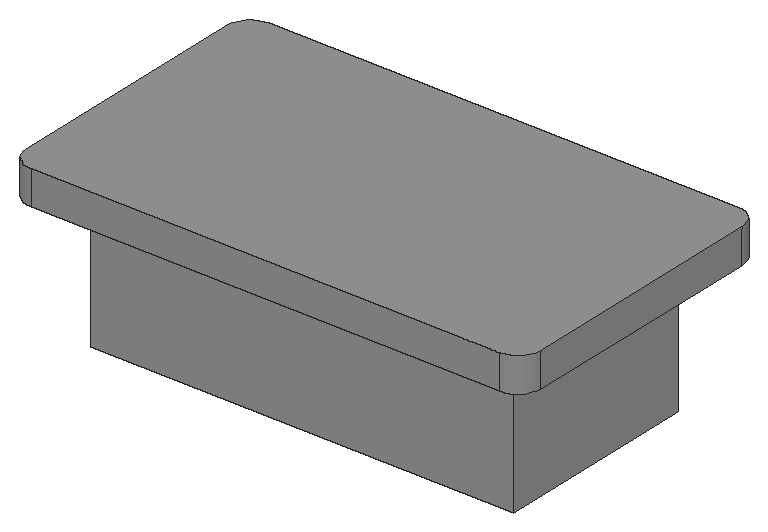
Revit family "Schutzkappen 45", category HLS-Bauteile, Revit 2017
Family settings
  Bemaßung runder Anschluss = Durchmesser verwenden
  Teiletyp = Normal
  Arbeitsebenenbasiert = Ja
  Immer vertikal = Nein
  Beim Laden mit Abzugskörper schneiden = Nein
  Gemeinsam genutzt = Ja
  Raumberechnungspunkt = Nein
Parameters (values of type "Schutzkappe 45- 26")
  vpe = "50 St"
  Default Elevation = 1219.2 mm
  Regelhalter [instance] = ""
  Profiltyp = "45/26"
  Mengeneinheit = "St"
  Materialname = "PE"
  Material = "Kunststoff"
  L2 = 12 mm
  L1 = 3 mm
  Kurztext2 = "für Profil 45/26 PE Schwarz"
  Kurztext1 = "Endkappe C-Profil 45"
  H2 = 11 mm
  H1 = 13 mm
  Gewicht = 0.0065 kg
  Firma = "MEFA Befestigungs- und Montagesysteme GmbH"
  Farbe = "schwarz"
  Fabrikat = "MEFA"
  EAN = "4250928420626"
  D = 18 mm
  C = 37 mm
  BP = 4 mm
  B2 = 4 mm
  B1 = 26 mm
  B = 45 mm
  Artikelnummer = "0819005"
Types (5, lengths in mm): name | Profiltyp | Kurztext2 | H2 | Gewicht | EAN | D | BP | B2 | B1 | Artikelnummer
  (no name) | "45/26" | "für Profil 45/26 PE Schwarz" | 11 | 0.0065 kg | "4250928420626" | 18 | 4 | 4 | 26 | "0819005"
  Schutzkappe 45- 26 | "45/26" | "für Profil 45/26 PE Schwarz" | 11 | 0.0065 kg | "4250928420626" | 18 | 4 | 4 | 26 | "0819005"
  Schutzkappe 45- 45 | "45/45" | "für Profil 45/45 PE Schwarz" | 20 | 0.0078 kg | "4250928448026" | 36 | 4.5 | 4.5 | 45 | "0819036"
  Schutzkappe 45- 60 | "45/60" | "für Profil 45/60 PE Schwarz" | 28 | 0.0146 kg | "4250928420640" | 52 | 4.5 | 4.5 | 60 | "0819042"
  Schutzkappe 45- 75 | "45/75" | "für Profil 45/75 PE Schwarz" | 35.5 | 0.0188 kg | "4250928420657" | 65 | 4.5 | 4.5 | 75 | "0819046"
Reference planes
  plane 1 "Mitte (Vorne/hinten)": y = 0
  plane 2: z = 0
  plane 3 "Mitte (Links/rechts)": x = 0
  plane 4: z = 3
  plane 5: y = 26
  plane 6: x = 45
  plane 7: y = 4
  plane 8: x = 4
  plane 9: z = -12
  plane 10: y = 11
  plane 11: x = 13
  plane 12: x = 4
  plane 13: y = 4
  plane 14: x = 41
  plane 15: y = 22
Forms (mm)
  Extrusion 1, solid, material "Acetalharz, schwarz"
    sketch origin (0, 0, 0) x (1, 0, 0) y (0, 1, 0)
      loop
        line (0, 0) -> (43.003, 0)
        arc (43.003, 0) -> (44.415, 0.585) -> (45, 1.997) r 1.997
        line (45, 1.997) -> (45, 23.969)
        arc (45, 23.969) -> (44.405, 25.405) -> (42.969, 26) r 2.031
        line (42.969, 26) -> (1.971, 26)
        arc (1.971, 26) -> (0.577, 25.423) -> (0, 24.029) r 1.971
        line (0, 24.029) -> (0, 0)
    from 0 to 3
  Extrusion 2, void
    sketch origin (0, 0, 0) x (1, 0, 0) y (0, 1, 0)
      loop
        arc (2.028, 0) -> (0.594, 0.594) -> (0, 2.028) r 2.028
        line (0, 2.028) -> (0, 0) -> (2.028, 0)
    from 0 to 3
  Extrusion 3, solid, material "Acetalharz, schwarz"
    sketch origin (0, 0, 0) x (1, 0, 0) y (0, 1, 0)
      loop
        line (4, 4) -> (41, 4) -> (41, 22) -> (4, 22) -> (4, 4)
    from 0 to -12
Cuts and joins
  Extrusion 2 cuts Extrusion 1
Lines and regions (mm)
  model lines
    curve 1: line (0, 13.528, 0) -> (45, 13.528, 0)
    curve 2: line (22.47, 26, 0) -> (22.47, 0, 0)
Dimensions and locks
  "L1": level to plane 4
  "B": plane 3 "Mitte (Links/rechts)" to plane 6
  "B1": plane 5 to plane 1 "Mitte (Vorne/hinten)"
  "BP": plane 3 "Mitte (Links/rechts)" to plane 8
  "B2": plane 7 to plane 1 "Mitte (Vorne/hinten)"
  "L2": plane 9 to level
  "H2": plane 10 to plane 1 "Mitte (Vorne/hinten)"
  "H1": plane 3 "Mitte (Links/rechts)" to plane 11
  "B2": plane 3 "Mitte (Links/rechts)" to plane 12
  "BP": plane 13 to plane 1 "Mitte (Vorne/hinten)"
  "C": plane 12 to plane 14
  "D": plane 15 to plane 13
  aligned and locked: level to plane 2
  aligned and locked: plane 1 "Mitte (Vorne/hinten)" to Extrusion 1 sketch curve
  aligned and locked: plane 3 "Mitte (Links/rechts)" to Extrusion 1 sketch curve
  aligned and locked: Extrusion 1 sketch curve to plane 5
  aligned and locked: Extrusion 1 sketch curve to plane 6
  aligned and locked: Extrusion 1 sketch curve to plane 1 "Mitte (Vorne/hinten)"
  aligned and locked: plane 4 to Extrusion 1
  aligned and locked: Extrusion 1 to Extrusion 2
  aligned and locked: plane 7 to Extrusion 3 sketch curve
  aligned and locked: plane 8 to Extrusion 3 sketch curve
  aligned and locked: level to Extrusion 3
  aligned and locked: Extrusion 3 to plane 9
  aligned and locked: plane 11 to nested 1
  aligned and locked: nested 1 to plane 10
  aligned and locked: plane 15 to Extrusion 3
  aligned and locked: plane 14 to Extrusion 3
Automatic sketch dimensions
  Extrusion 1 sketch curve to Extrusion 1 sketch curve = 1.971 mm
  Extrusion 1 sketch curve to Extrusion 1 sketch curve = 2.031 mm
  Extrusion 1 sketch curve to plane 6 = 1.997 mm
  plane 1 "Mitte (Vorne/hinten)" to Extrusion 2 sketch curve = 0 mm
  Extrusion 2 sketch curve to plane 3 "Mitte (Links/rechts)" = 0 mm
  Extrusion 2 sketch curve to Extrusion 2 sketch curve = 2.028 mm
  curve 1 to plane 3 "Mitte (Links/rechts)" = 0 mm
  curve 2 to plane 5 = 0 mm
  plane 1 "Mitte (Vorne/hinten)" to curve 2 = 0 mm
  curve 1 to plane 6 = 0 mm
  plane 11 to curve 2 = 9.47 mm
  plane 10 to curve 1 = 2.528 mm
  Extrusion 3 sketch curve to plane 14 = 0 mm
  Extrusion 3 sketch curve to plane 15 = 0 mm
Nested families
  nested 1: "MEFA Logo Dübel Rot klein.0001" at (13, 11, 3), type "MEFA Logo Dübel Rot klein.0001"
Definition of nested family "MEFA Logo Dübel Rot klein.0001"
  Parameters (values of type "MEFA Logo Dübel Rot klein.0001")
    Default Elevation = 1219.2 mm
    Regelhalter [instance] = ""
  Reference planes
    plane 1 "Mitte (Vorne/hinten)": y = 0
    plane 2: z = 0
    plane 3 "Mitte (Links/rechts)": x = 0
    plane 4: x = 18.869
    plane 5: y = 4.482
    plane 6: z = 0.79
  Forms (mm)
    Extrusion 1, solid
      sketch origin (0, 0, 0) x (1, 0, 0) y (0, 1, 0)
        loop
          line (-1219.2, 1219.2) -> (-1219.2, -1219.2) -> (1219.2, -1219.2) -> (1219.2, 1219.2) -> (-1219.2, 1219.2)
      from 0 to -304.8
  Dimensions and locks
    plane 3 "Mitte (Links/rechts)" to plane 4 = 18.869 mm
    plane 5 to plane 1 "Mitte (Vorne/hinten)" = 4.482 mm
    Extrusion 1 to plane 6 = 0.79 mm
    aligned and locked: plane 2 to Extrusion 1
    aligned and locked: level to Extrusion 1
    aligned and locked: import instance to plane 3 "Mitte (Links/rechts)"
    aligned and locked: plane 1 "Mitte (Vorne/hinten)" to import instance
    aligned and locked: plane 5 to import instance
    aligned and locked: plane 4 to import instance
    aligned and locked: plane 6 to import instance
